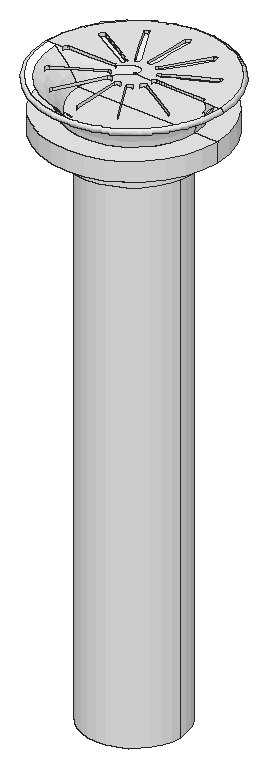
Revit family "Grid_Drain-DXV-Modulus-D35120460_Series", category Plumbing Fixtures, host Face, Revit 2018
Family settings
  Host = Face
  Round Connector Dimension = Use Diameter
  Part Type = Normal
  OmniClass Number = 23.70.50.21.24
  OmniClass Title = Waste Water Drains
  Cut with Voids When Loaded = No
  Shared = Yes
  Room Calculation Point = No
Parameters (values of type "D35120460.100")
  Width = 2 3/8"  # constant formula
  Waste Connection Diameter = 1 1/4"  # constant formula
  Waste Connection = yes
  WFU = 0  # constant formula
  Vent Connection = no
  URL = "https://www.dxv.com/"
  Type Comments = ""
  Revised Date = "04/05/2021"  # constant formula
  Product Page URL = "https://www.dxv.com/product/dxv-modulus-grid-drain"
  Product Documentation Link = "https://dxv01.blob.core.windows.net/dxv-product-pdf-files/spec_D35120460_DXV_Modulus_grid_drain_EN.pdf"
  Price = "Prices may vary. Please consult Manufacturer Representative for most up-to-date price list."  # constant formula
  Model = "D35120460.100"
  Material = "Metal-DXV-100-Polished_Chrome"
  Manufacturer = "DXV"
  Length = 7 11/16"  # constant formula
  Installation Type = "Floor Mounted"  # constant formula
  HWFU = 0  # constant formula
  HW Connection = no
  Finish = Metal-DXV-100-Polished_Chrome
  Description = "DXV Modulus Grid Drain"  # constant formula
  Default Elevation = 0"  # constant formula
  Creation Date = "05/07/2018"  # constant formula
  CWFU = 0  # constant formula
  CW Connection = no
  Assembly Code = "D2030300"
Types (5): name | Model | Material | Finish
  (no name) | "D35120460.100" | "Metal-DXV-100-Polished_Chrome" | Metal-DXV-100-Polished_Chrome
  D35120460.100 | "D35120460.100" | "Metal-DXV-100-Polished_Chrome" | Metal-DXV-100-Polished_Chrome
  D35120460.144 | "D35120460.144" | "Metal-DXV-144-Brushed_Nickel" | Metal-DXV-144-Brushed_Nickel
  D35120460.150 | "D35120460.150" | "Metal-DXV-150-Platinum_Nickel" | Metal-DXV-150-Platinum_Nickel
  D35120460.243 | "D35120460.243" | "Metal-DXV-243-Matte_Black" | Metal-DXV-243-Matte_Black
Reference planes (in)
  plane 1 "Center (Front/Back)": y = 0
  plane 2: z = 0
  plane 3 "Center (Left/Right)": x = 0
  plane 4: x = 1.1875
  plane 5: x = 0.625
  plane 6: x = -1.1875
  plane 7: x = -0.625
  plane 8: z = -7.6875
Forms (in)
  Revolve 1, solid, material "Metal-DXV-100-Polished_Chrome" <- "Finish"
    sketch origin (0, 0, 0) x (1, 0, 0) y (0, 0, 1)
      loop
        line (0, -7.6875) -> (0.625, -7.6875) -> (0.625, -0.87392) -> (0.79421, -0.87392) -> (0.79421, -0.80374)
        arc (0.79421, -0.80374) -> (0.79993, -0.7603) -> (0.81669, -0.71982) r 0.16784
        line (0.81669, -0.71982) -> (0.86992, -0.62763) -> (1.11992, -0.62763) -> (1.11992, -0.37763) -> (0.81429, -0.37763)
        arc (0.81429, -0.37763) -> (0.92529, -0.14621) -> (1.15697, -0.03575) r 0.38552
        arc (1.15697, -0.03575) -> (1.18772, -0.00039) -> (1.15465, 0.03282) r 0.03439
        arc (1.15465, 0.03282) -> (0.57743, 0.04922) -> (0, 0.05469) r 30.49132
        line (0, 0.05469) -> (0, 0.02344)
        arc (0, 0.02344) -> (0.52718, 0.01888) -> (1.0542, 0.00519) r 30.46007
        arc (1.0542, 0.00519) -> (0.87303, -0.16427) -> (0.74648, -0.37763) r 0.87817
        line (0.74648, -0.37763) -> (0, -0.37763) -> (0, -7.6875)
      axis (0, 0.05469) -> (0, -7.6875)
    angle from 0 to 360
  Extrusion 2, void
    sketch origin (0, 0, 0) x (1, 0, 0) y (0, 1, 0)
      loop
        arc (-0.03667, 0.28286) -> (0, 0.24618) -> (0.03667, 0.28286) r 0.03667
        line (0.03667, 0.28286) -> (0.03667, 0.90078)
        arc (0.03667, 0.90078) -> (0, 0.93745) -> (-0.03667, 0.90078) r 0.03667
        line (-0.03667, 0.90078) -> (-0.03667, 0.28286)
      loop
        line (-0.03667, -0.28286) -> (-0.03667, -0.90078)
        arc (-0.03667, -0.90078) -> (0, -0.93745) -> (0.03667, -0.90078) r 0.03667
        line (0.03667, -0.90078) -> (0.03667, -0.28286)
        arc (0.03667, -0.28286) -> (0, -0.24618) -> (-0.03667, -0.28286) r 0.03667
      loop
        arc (-0.28286, -0.03667) -> (-0.24618, 0) -> (-0.28286, 0.03667) r 0.03667
        line (-0.28286, 0.03667) -> (-0.90078, 0.03667)
        arc (-0.90078, 0.03667) -> (-0.93745, 0) -> (-0.90078, -0.03667) r 0.03667
        line (-0.90078, -0.03667) -> (-0.28286, -0.03667)
      loop
        line (0.28286, -0.03667) -> (0.90078, -0.03667)
        arc (0.90078, -0.03667) -> (0.93745, 0) -> (0.90078, 0.03667) r 0.03667
        line (0.90078, 0.03667) -> (0.28286, 0.03667)
        arc (0.28286, 0.03667) -> (0.24618, 0) -> (0.28286, -0.03667) r 0.03667
      loop
        arc (-0.22663, -0.17319) -> (-0.2132, -0.12309) -> (-0.2633, -0.10967) r 0.03667
        line (-0.2633, -0.10967) -> (-0.79844, -0.41863)
        arc (-0.79844, -0.41863) -> (-0.81186, -0.46873) -> (-0.76176, -0.48215) r 0.03667
        line (-0.76176, -0.48215) -> (-0.22663, -0.17319)
      loop
        line (0.2633, 0.10967) -> (0.79844, 0.41863)
        arc (0.79844, 0.41863) -> (0.81186, 0.46873) -> (0.76176, 0.48215) r 0.03667
        line (0.76176, 0.48215) -> (0.22663, 0.17319)
        arc (0.22663, 0.17319) -> (0.2132, 0.12309) -> (0.2633, 0.10967) r 0.03667
      loop
        line (0.22663, -0.17319) -> (0.76176, -0.48215)
        arc (0.76176, -0.48215) -> (0.81186, -0.46873) -> (0.79844, -0.41863) r 0.03667
        line (0.79844, -0.41863) -> (0.2633, -0.10967)
        arc (0.2633, -0.10967) -> (0.2132, -0.12309) -> (0.22663, -0.17319) r 0.03667
      loop
        arc (-0.2633, 0.10967) -> (-0.2132, 0.12309) -> (-0.22663, 0.17319) r 0.03667
        line (-0.22663, 0.17319) -> (-0.76176, 0.48215)
        arc (-0.76176, 0.48215) -> (-0.81186, 0.46873) -> (-0.79844, 0.41863) r 0.03667
        line (-0.79844, 0.41863) -> (-0.2633, 0.10967)
      loop
        line (0.10967, -0.2633) -> (0.41863, -0.79844)
        arc (0.41863, -0.79844) -> (0.46873, -0.81186) -> (0.48215, -0.76176) r 0.03667
        line (0.48215, -0.76176) -> (0.17319, -0.22663)
        arc (0.17319, -0.22663) -> (0.12309, -0.2132) -> (0.10967, -0.2633) r 0.03667
      loop
        arc (-0.17319, 0.22663) -> (-0.12309, 0.2132) -> (-0.10967, 0.2633) r 0.03667
        line (-0.10967, 0.2633) -> (-0.41863, 0.79844)
        arc (-0.41863, 0.79844) -> (-0.46873, 0.81186) -> (-0.48215, 0.76176) r 0.03667
        line (-0.48215, 0.76176) -> (-0.17319, 0.22663)
      loop
        arc (-0.10967, -0.2633) -> (-0.12309, -0.2132) -> (-0.17319, -0.22663) r 0.03667
        line (-0.17319, -0.22663) -> (-0.48215, -0.76176)
        arc (-0.48215, -0.76176) -> (-0.46873, -0.81186) -> (-0.41863, -0.79844) r 0.03667
        line (-0.41863, -0.79844) -> (-0.10967, -0.2633)
      loop
        line (0.17319, 0.22663) -> (0.48215, 0.76176)
        arc (0.48215, 0.76176) -> (0.46873, 0.81186) -> (0.41863, 0.79844) r 0.03667
        line (0.41863, 0.79844) -> (0.10967, 0.2633)
        arc (0.10967, 0.2633) -> (0.12309, 0.2132) -> (0.17319, 0.22663) r 0.03667
    from -0.05855 to 0.34434
Cuts and joins
  Extrusion 2 cuts Revolve 1
Lines and regions (in)
  Masking region 1
    outline origin (0, 0, 0) x (1, 0, 0) y (0, 1, 0)
      loop
        circle (0, 0) r 1.18768
  symbolic lines, detail levels medium+fine
    curve 1: arc (0.03667, 0.90078, 0) -> (0, 0.93745, 0) -> (-0.03667, 0.90078, 0) r 0.03667
    curve 2: arc (-0.03667, 0.28286, 0) -> (0, 0.24618, 0) -> (0.03667, 0.28286, 0) r 0.03667
    curve 3: line (-0.03667, 0.90078, 0) -> (-0.03667, 0.28286, 0)
    curve 4: line (0.03667, 0.28286, 0) -> (0.03667, 0.90078, 0)
    curve 5: line (0.41863, 0.79844, 0) -> (0.10967, 0.2633, 0)
    curve 6: line (0.17319, 0.22663, 0) -> (0.48215, 0.76176, 0)
    curve 7: arc (0.10967, 0.2633, 0) -> (0.12309, 0.2132, 0) -> (0.17319, 0.22663, 0) r 0.03667
    curve 8: arc (0.48215, 0.76176, 0) -> (0.46873, 0.81186, 0) -> (0.41863, 0.79844, 0) r 0.03667
    curve 9: arc (0.79844, 0.41863, 0) -> (0.81186, 0.46873, 0) -> (0.76176, 0.48215, 0) r 0.03667
    curve 10: arc (0.22663, 0.17319, 0) -> (0.2132, 0.12309, 0) -> (0.2633, 0.10967, 0) r 0.03667
    curve 11: line (0.76176, 0.48215, 0) -> (0.22663, 0.17319, 0)
    curve 12: line (0.2633, 0.10967, 0) -> (0.79844, 0.41863, 0)
    curve 13: arc (0.28286, 0.03667, 0) -> (0.24618, 0, 0) -> (0.28286, -0.03667, 0) r 0.03667
    curve 14: arc (0.90078, -0.03667, 0) -> (0.93745, 0, 0) -> (0.90078, 0.03667, 0) r 0.03667
    curve 15: line (0.90078, 0.03667, 0) -> (0.28286, 0.03667, 0)
    curve 16: line (0.28286, -0.03667, 0) -> (0.90078, -0.03667, 0)
    curve 17: arc (0.2633, -0.10967, 0) -> (0.2132, -0.12309, 0) -> (0.22663, -0.17319, 0) r 0.03667
    curve 18: line (0.79844, -0.41863, 0) -> (0.2633, -0.10967, 0)
    curve 19: line (0.22663, -0.17319, 0) -> (0.76176, -0.48215, 0)
    curve 20: arc (0.76176, -0.48215, 0) -> (0.81186, -0.46873, 0) -> (0.79844, -0.41863, 0) r 0.03667
    curve 21: arc (0.17319, -0.22663, 0) -> (0.12309, -0.2132, 0) -> (0.10967, -0.2633, 0) r 0.03667
    curve 22: line (0.10967, -0.2633, 0) -> (0.41863, -0.79844, 0)
    curve 23: line (0.48215, -0.76176, 0) -> (0.17319, -0.22663, 0)
    curve 24: arc (0.41863, -0.79844, 0) -> (0.46873, -0.81186, 0) -> (0.48215, -0.76176, 0) r 0.03667
    curve 25: arc (0.03667, -0.28286, 0) -> (0, -0.24618, 0) -> (-0.03667, -0.28286, 0) r 0.03667
    curve 26: line (-0.03667, -0.28286, 0) -> (-0.03667, -0.90078, 0)
    curve 27: line (0.03667, -0.90078, 0) -> (0.03667, -0.28286, 0)
    curve 28: arc (-0.03667, -0.90078, 0) -> (0, -0.93745, 0) -> (0.03667, -0.90078, 0) r 0.03667
    curve 29: line (-0.41863, 0.79844, 0) -> (-0.10967, 0.2633, 0)
    curve 30: line (-0.17319, 0.22663, 0) -> (-0.48215, 0.76176, 0)
    curve 31: arc (-0.10967, 0.2633, 0) -> (-0.12309, 0.2132, 0) -> (-0.17319, 0.22663, 0) r 0.03667
    curve 32: arc (-0.48215, 0.76176, 0) -> (-0.46873, 0.81186, 0) -> (-0.41863, 0.79844, 0) r 0.03667
    curve 33: arc (-0.79844, 0.41863, 0) -> (-0.81186, 0.46873, 0) -> (-0.76176, 0.48215, 0) r 0.03667
    curve 34: arc (-0.22663, 0.17319, 0) -> (-0.2132, 0.12309, 0) -> (-0.2633, 0.10967, 0) r 0.03667
    curve 35: line (-0.76176, 0.48215, 0) -> (-0.22663, 0.17319, 0)
    curve 36: line (-0.2633, 0.10967, 0) -> (-0.79844, 0.41863, 0)
    curve 37: arc (-0.28286, 0.03667, 0) -> (-0.24618, 0, 0) -> (-0.28286, -0.03667, 0) r 0.03667
    curve 38: arc (-0.90078, -0.03667, 0) -> (-0.93745, 0, 0) -> (-0.90078, 0.03667, 0) r 0.03667
    curve 39: line (-0.90078, 0.03667, 0) -> (-0.28286, 0.03667, 0)
    curve 40: line (-0.28286, -0.03667, 0) -> (-0.90078, -0.03667, 0)
    curve 41: arc (-0.2633, -0.10967, 0) -> (-0.2132, -0.12309, 0) -> (-0.22663, -0.17319, 0) r 0.03667
    curve 42: line (-0.79844, -0.41863, 0) -> (-0.2633, -0.10967, 0)
    curve 43: line (-0.22663, -0.17319, 0) -> (-0.76176, -0.48215, 0)
    curve 44: arc (-0.76176, -0.48215, 0) -> (-0.81186, -0.46873, 0) -> (-0.79844, -0.41863, 0) r 0.03667
    curve 45: arc (-0.17319, -0.22663, 0) -> (-0.12309, -0.2132, 0) -> (-0.10967, -0.2633, 0) r 0.03667
    curve 46: line (-0.10967, -0.2633, 0) -> (-0.41863, -0.79844, 0)
    curve 47: line (-0.48215, -0.76176, 0) -> (-0.17319, -0.22663, 0)
    curve 48: arc (-0.41863, -0.79844, 0) -> (-0.46873, -0.81186, 0) -> (-0.48215, -0.76176, 0) r 0.03667
Dimensions and locks (in)
  equal spacing: plane 7, plane 3 "Center (Left/Right)", plane 5
  "Waste Connection Diameter": plane 7 to plane 5
  equal spacing: plane 6, plane 3 "Center (Left/Right)", plane 4
  "Width": plane 6 to plane 4
  "Length": plane 8 to level
  aligned and locked: plane 2 to host face
  aligned and locked: level to host face
Automatic sketch dimensions
  host sketch curve to host sketch curve = 96"  (x2)
  Revolve 1 sketch curve to Revolve 1 sketch curve = 0"  (x2)
  Revolve 1 sketch curve to plane 3 "Center (Left/Right)" = 0"  (x3)
  Revolve 1 sketch curve to plane 5 = 0"
  Revolve 1 sketch curve to plane 8 = 0"
  level to Revolve 1 sketch curve = 7/128"
  Revolve 1 sketch curve to Revolve 1 sketch curve = 0.16921"
  Revolve 1 sketch curve to Revolve 1 sketch curve = 0.02249"
  Revolve 1 sketch curve to plane 5 = 0.18929"
  Revolve 1 sketch curve to Revolve 1 sketch curve = 0.05323"
  Revolve 1 sketch curve to Revolve 1 sketch curve = 0.14536"
  plane 4 to Revolve 1 sketch curve = 0.06758"
  plane 4 to Revolve 1 sketch curve = 0.03415"
  Revolve 1 sketch curve to plane 4 = 0.01007"
  Revolve 1 sketch curve to plane 4 = 0.36998"
  Revolve 1 sketch curve to level = 0.87392"
  Revolve 1 sketch curve to Revolve 1 sketch curve = 0.07017"
  Revolve 1 sketch curve to Revolve 1 sketch curve = 0.08929"
  Revolve 1 sketch curve to Revolve 1 sketch curve = 0.17612"
  Revolve 1 sketch curve to Revolve 1 sketch curve = 0.2085"
  Revolve 1 sketch curve to Revolve 1 sketch curve = 0.0415"
  Revolve 1 sketch curve to level = 0.00155"
  Revolve 1 sketch curve to Revolve 1 sketch curve = 0.06782"
  level to Revolve 1 sketch curve = 0.00519"
  Revolve 1 sketch curve to Revolve 1 sketch curve = 0.09915"
  level to Revolve 1 sketch curve = 0.87237"
  Revolve 1 sketch curve to Revolve 1 sketch curve = 1"
  Revolve 1 sketch curve to Revolve 1 sketch curve = 0.40106"
  plane 1 "Center (Front/Back)" to Extrusion 2 sketch curve = 0"  (x2)
  Extrusion 2 sketch curve to plane 3 "Center (Left/Right)" = 0"  (x2)
  Extrusion 2 sketch curve to plane 3 "Center (Left/Right)" = 0.03667"  (x2)
  Extrusion 2 sketch curve to Extrusion 2 sketch curve = 0.07299"  (x4)
  Extrusion 2 sketch curve to Extrusion 2 sketch curve = 0.03176"  (x24)
  Extrusion 2 sketch curve to Extrusion 2 sketch curve = 0.05344"  (x8)
  Extrusion 2 sketch curve to Extrusion 2 sketch curve = 0.01834"  (x24)
  Extrusion 2 sketch curve to plane 1 "Center (Front/Back)" = 0.10967"  (x2)
  plane 1 "Center (Front/Back)" to Extrusion 2 sketch curve = 0.10967"  (x2)
  Extrusion 2 sketch curve to Extrusion 2 sketch curve = 0.01956"  (x4)
  plane 7 to Extrusion 2 sketch curve = 0.20637"  (x2)
  Extrusion 2 sketch curve to plane 7 = 0.13676"  (x2)
  Extrusion 2 sketch curve to plane 1 "Center (Front/Back)" = 0.03667"
  Extrusion 2 sketch curve to plane 7 = 0.27578"
  plane 5 to Extrusion 2 sketch curve = 0.20637"  (x2)
  Extrusion 2 sketch curve to plane 5 = 0.13676"  (x2)
  plane 1 "Center (Front/Back)" to Extrusion 2 sketch curve = 0.03667"
  Extrusion 2 sketch curve to plane 5 = 0.27578"
  Extrusion 2 sketch curve to Extrusion 2 sketch curve = 0.38195"  (x4)
  Extrusion 2 sketch curve to Extrusion 2 sketch curve = 0.27961"  (x4)
  Extrusion 2 sketch curve to Extrusion 2 sketch curve = 0.10234"  (x2)
  plane 1 "Center (Front/Back)" to Masking region 1 sketch curve = 0"
  Masking region 1 sketch curve to plane 3 "Center (Left/Right)" = 0"
  plane 1 "Center (Front/Back)" to curve 38 = 0"
  curve 2 to plane 3 "Center (Left/Right)" = 0"
  curve 28 to plane 3 "Center (Left/Right)" = 0"
  plane 1 "Center (Front/Back)" to curve 13 = 0"
  curve 26 to plane 3 "Center (Left/Right)" = 0.03667"
  curve 3 to curve 1 = 0.03667"
  curve 29 to curve 2 = 0.07299"
  curve 46 to curve 25 = 0.07299"
  curve 45 to curve 45 = 0.03176"
  curve 31 to curve 29 = 0.03176"
  curve 47 to curve 45 = 0.03176"
  curve 30 to curve 31 = 0.03176"
  curve 43 to curve 45 = 0.05344"
  curve 35 to curve 30 = 0.05344"
  curve 41 to curve 43 = 0.01834"
  curve 34 to curve 35 = 0.01834"
  curve 36 to plane 1 "Center (Front/Back)" = 0.10967"
  curve 36 to curve 34 = 0.01834"
  plane 1 "Center (Front/Back)" to curve 42 = 0.10967"
  curve 42 to curve 41 = 0.01834"
  curve 37 to curve 34 = 0.01956"
  plane 7 to curve 46 = 0.20637"
  plane 7 to curve 29 = 0.20637"
  curve 32 to curve 29 = 0.03176"
  curve 48 to curve 46 = 0.03176"
  curve 47 to curve 48 = 0.03176"
  curve 30 to curve 32 = 0.03176"
  curve 35 to plane 7 = 0.13676"
  curve 43 to plane 7 = 0.13676"
  curve 44 to curve 44 = 0.01834"
  curve 33 to curve 33 = 0.01834"
  curve 42 to curve 44 = 0.01834"
  curve 36 to curve 33 = 0.01834"
  curve 38 to plane 7 = 0.27578"
  curve 27 to curve 22 = 0.07299"
  curve 4 to curve 5 = 0.07299"
  curve 21 to curve 21 = 0.03176"
  curve 5 to curve 7 = 0.03176"
  curve 21 to curve 23 = 0.03176"
  curve 7 to curve 6 = 0.03176"
  curve 7 to curve 11 = 0.05344"
  curve 21 to curve 19 = 0.05344"
  curve 19 to curve 17 = 0.01834"
  curve 11 to curve 10 = 0.01834"
  curve 12 to plane 1 "Center (Front/Back)" = 0.10967"
  curve 10 to curve 12 = 0.01834"
  plane 1 "Center (Front/Back)" to curve 18 = 0.10967"
  curve 17 to curve 18 = 0.01834"
  curve 15 to plane 1 "Center (Front/Back)" = 0.03667"
  curve 10 to curve 15 = 0.01956"
  plane 5 to curve 22 = 0.20637"
  plane 5 to curve 5 = 0.20637"
  curve 24 to curve 24 = 0.03176"
  curve 8 to curve 8 = 0.03176"
  curve 24 to curve 23 = 0.03176"
  curve 8 to curve 6 = 0.03176"
  curve 19 to plane 5 = 0.13676"
  curve 11 to plane 5 = 0.13676"
  curve 20 to curve 20 = 0.01834"
  curve 11 to curve 9 = 0.01834"
  curve 9 to curve 12 = 0.01834"
  curve 20 to curve 18 = 0.01834"
  curve 15 to plane 5 = 0.27578"
  curve 41 to curve 42 = 0.03176"
  curve 17 to curve 18 = 0.03176"
  curve 47 to curve 41 = 0.05344"
  curve 23 to curve 17 = 0.05344"
  curve 21 to curve 23 = 0.01834"
  curve 45 to curve 47 = 0.01834"
  curve 25 to curve 46 = 0.01956"
  plane 1 "Center (Front/Back)" to curve 42 = 0.41863"
  curve 18 to curve 14 = 0.38195"
  curve 20 to curve 18 = 0.03176"
  curve 44 to curve 44 = 0.03176"
  curve 47 to curve 43 = 0.27961"
  curve 23 to curve 19 = 0.27961"
  curve 24 to curve 23 = 0.01834"
  curve 48 to curve 48 = 0.01834"
  curve 27 to curve 22 = 0.10234"
  plane 1 "Center (Front/Back)" to curve 40 = 0.03667"
  curve 34 to curve 34 = 0.03176"
  curve 10 to curve 10 = 0.03176"
  curve 34 to curve 30 = 0.05344"
  curve 10 to curve 6 = 0.05344"
  curve 31 to curve 31 = 0.01834"
  curve 6 to curve 7 = 0.01834"
  curve 7 to curve 4 = 0.01956"
  curve 15 to curve 12 = 0.38195"
  curve 38 to curve 36 = 0.38195"
  curve 12 to curve 9 = 0.03176"
  curve 36 to curve 33 = 0.03176"
  curve 9 to curve 6 = 0.27961"
  curve 35 to curve 30 = 0.27961"
  curve 30 to curve 32 = 0.01834"
  curve 6 to curve 8 = 0.01834"
  curve 5 to curve 4 = 0.10234"
  radius of Masking region 1 sketch curve = 1.18768"
Connectors (in)
  piping at (0, 0, -7.6875), diameter 1.25, driven by "WFU", driven by "Waste Connection Diameter"
    settings: on cut or joined group of Revolve 1, Extrusion 2, index 1, connector inside diameter 24", connector length 0", flow factor 0, pipe flow 0 GPM, pressure drop 0.00 psi, fitting loss kfactor 0, connector angle 0.00°, fixture units 0, engagement length 0", angle of deflection 0.00°, flow configuration 3, flow direction 2, fitting loss method 0, system type 16, joint type 0, gender type 0, connector reference index -1, connector utility 0, adjustable connector no, is connector primary yes, connector description "1-1/4\" Sanitary Outlet"
